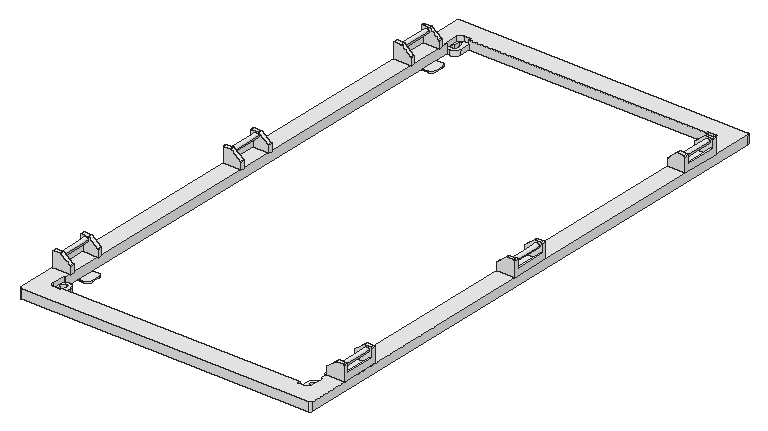
Revit family "Leviton_49605--28T-28-inch_Trim-Ring", category Generic Models, Revit 2026
Family settings
  Can host rebar = No
  Round Connector Dimension = Use Diameter
  Part Type = Normal
  Work Plane-Based = No
  Always vertical = Yes
  Cut with Voids When Loaded = No
  Maintain Annotation Orientation = No
  Shared = No
  Room Calculation Point = No
Parameters
  Width = 15.95"
  Manufacturer = "https://www.arcat.com/arcatcos/cos41/arc41690.html"  # constant formula
  Height = 30.02"
  Default Elevation = 0.00"
Reference planes (in)
  plane 1 "Center (Front/Back)": y = 0
  plane 2: z = 0
  plane 3 "Center (Left/Right)": x = 0
  plane 4: x = -7.975
  plane 5: x = 7.975
  plane 6: y = 15.01
  plane 7: y = -15.01
Forms (in)
  Extrusion 1, solid, material "ARCAT-White Plastic"
    sketch origin (0, 0, 0) x (1, 0, 0) y (0, 1, 0)
      loop
        line (7.855, 15.01) -> (-7.855, 15.01)
        arc (-7.855, 15.01) -> (-7.93985, 14.97485) -> (-7.975, 14.89) r 0.12
        line (-7.975, 14.89) -> (-7.975, -14.89)
        arc (-7.975, -14.89) -> (-7.93985, -14.97485) -> (-7.855, -15.01) r 0.12
        line (-7.855, -15.01) -> (7.855, -15.01)
        arc (7.855, -15.01) -> (7.93985, -14.97485) -> (7.975, -14.89) r 0.12
        line (7.975, -14.89) -> (7.975, 14.89)
        arc (7.975, 14.89) -> (7.93985, 14.97485) -> (7.855, 15.01) r 0.12
      loop
        line (6.49704, 13.92438) -> (-6.49704, 13.92438) -> (-6.49704, 13.35669)
        arc (-6.49704, 13.35669) -> (-6.59955, 13.1092) -> (-6.84704, 13.00669) r 0.35
        line (-6.84704, 13.00669) -> (-6.9977, 13.00669) -> (-6.9977, -13.00669) -> (-6.84704, -13.00669)
        arc (-6.84704, -13.00669) -> (-6.59955, -13.1092) -> (-6.49704, -13.35669) r 0.35
        line (-6.49704, -13.35669) -> (-6.49704, -13.92438) -> (6.49704, -13.92438) -> (6.49704, -13.35669)
        arc (6.49704, -13.35669) -> (6.59955, -13.1092) -> (6.84704, -13.00669) r 0.35
        line (6.84704, -13.00669) -> (6.9977, -13.00669) -> (6.9977, 13.00669) -> (6.84704, 13.00669)
        arc (6.84704, 13.00669) -> (6.59955, 13.1092) -> (6.49704, 13.35669) r 0.35
        line (6.49704, 13.35669) -> (6.49704, 13.92438)
    from 0 to 0.48
  Extrusion 2, void
    sketch origin (0, 0, 0) x (1, 0, 0) y (0, 1, 0)
      loop
        line (-7.11113, 13.00669) -> (-6.49704, 13.00669) -> (-6.49704, 14.0102) -> (-6.86113, 14.0102)
        arc (-6.86113, 14.0102) -> (-7.03791, 13.93697) -> (-7.11113, 13.7602) r 0.25
        line (-7.11113, 13.7602) -> (-7.11113, 13.00669)
      loop
        line (7.11113, 13.00669) -> (7.11113, 13.7602)
        arc (7.11113, 13.7602) -> (7.03791, 13.93697) -> (6.86113, 14.0102) r 0.25
        line (6.86113, 14.0102) -> (6.49704, 14.0102) -> (6.49704, 13.00669) -> (7.11113, 13.00669)
      loop
        line (-7.11113, -13.00669) -> (-7.11113, -13.7602)
        arc (-7.11113, -13.7602) -> (-7.03791, -13.93697) -> (-6.86113, -14.0102) r 0.25
        line (-6.86113, -14.0102) -> (-6.49704, -14.0102) -> (-6.49704, -13.00669) -> (-7.11113, -13.00669)
      loop
        line (7.11113, -13.00669) -> (6.49704, -13.00669) -> (6.49704, -14.0102) -> (6.86113, -14.0102)
        arc (6.86113, -14.0102) -> (7.03791, -13.93697) -> (7.11113, -13.7602) r 0.25
        line (7.11113, -13.7602) -> (7.11113, -13.00669)
    from 0.24 to 0.91716
  Extrusion 3, void
    sketch origin (0, 0, 0) x (1, 0, 0) y (0, 1, 0)
      loop
        arc (-6.93265, 13.50088) -> (-6.84126, 13.20278) -> (-6.74987, 13.50088) r 0.16306
        line (-6.74987, 13.50088) -> (-6.74987, 13.73913)
        arc (-6.74987, 13.73913) -> (-6.84126, 13.83052) -> (-6.93265, 13.73913) r 0.09139
        line (-6.93265, 13.73913) -> (-6.93265, 13.50088)
      loop
        line (6.93265, 13.50088) -> (6.93265, 13.73913)
        arc (6.93265, 13.73913) -> (6.84126, 13.83052) -> (6.74987, 13.73913) r 0.09139
        line (6.74987, 13.73913) -> (6.74987, 13.50088)
        arc (6.74987, 13.50088) -> (6.84126, 13.20278) -> (6.93265, 13.50088) r 0.16306
      loop
        line (-6.93265, -13.50088) -> (-6.93265, -13.73913)
        arc (-6.93265, -13.73913) -> (-6.84126, -13.83052) -> (-6.74987, -13.73913) r 0.09139
        line (-6.74987, -13.73913) -> (-6.74987, -13.50088)
        arc (-6.74987, -13.50088) -> (-6.84126, -13.20278) -> (-6.93265, -13.50088) r 0.16306
      loop
        arc (6.93265, -13.50088) -> (6.84126, -13.20278) -> (6.74987, -13.50088) r 0.16306
        line (6.74987, -13.50088) -> (6.74987, -13.73913)
        arc (6.74987, -13.73913) -> (6.84126, -13.83052) -> (6.93265, -13.73913) r 0.09139
        line (6.93265, -13.73913) -> (6.93265, -13.50088)
    from -0.36161 to 0.48
  Extrusion 4, solid, material "ARCAT-White Plastic"
    sketch origin (0, 0, 0) x (1, 0, 0) y (0, 1, 0)
      loop
        line (-6.63924, 12.22708) -> (-6.9977, 12.22708) -> (-6.9977, 11.27152) -> (-6.63934, 11.27152)
        arc (-6.63934, 11.27152) -> (-6.47036, 11.34152) -> (-6.40037, 11.5105) r 0.23898
        line (-6.40037, 11.5105) -> (-6.40037, 11.98851)
        arc (-6.40037, 11.98851) -> (-6.47044, 12.15722) -> (-6.63924, 12.22708) r 0.23887
      loop
        arc (6.63924, 12.22708) -> (6.47044, 12.15722) -> (6.40037, 11.98851) r 0.23887
        line (6.40037, 11.98851) -> (6.40037, 11.5105)
        arc (6.40037, 11.5105) -> (6.47036, 11.34152) -> (6.63934, 11.27152) r 0.23898
        line (6.63934, 11.27152) -> (6.9977, 11.27152) -> (6.9977, 12.22708) -> (6.63924, 12.22708)
      loop
        arc (-6.63924, -12.22708) -> (-6.47044, -12.15722) -> (-6.40037, -11.98851) r 0.23887
        line (-6.40037, -11.98851) -> (-6.40037, -11.5105)
        arc (-6.40037, -11.5105) -> (-6.47036, -11.34152) -> (-6.63934, -11.27152) r 0.23898
        line (-6.63934, -11.27152) -> (-6.9977, -11.27152) -> (-6.9977, -12.22708) -> (-6.63924, -12.22708)
      loop
        line (6.63924, -12.22708) -> (6.9977, -12.22708) -> (6.9977, -11.27152) -> (6.63934, -11.27152)
        arc (6.63934, -11.27152) -> (6.47036, -11.34152) -> (6.40037, -11.5105) r 0.23898
        line (6.40037, -11.5105) -> (6.40037, -11.98851)
        arc (6.40037, -11.98851) -> (6.47044, -12.15722) -> (6.63924, -12.22708) r 0.23887
    from 0 to 0.05
Cuts and joins
  Extrusion 2, Extrusion 3 cuts Extrusion 1
Dimensions and locks (in)
  equal spacing: plane 4, plane 3 "Center (Left/Right)", plane 5
  "Width": plane 4 to plane 5
  equal spacing: plane 7, plane 1 "Center (Front/Back)", plane 6
  "Height": plane 7 to plane 6
  aligned and locked: plane 2 to level
Automatic sketch dimensions
  Extrusion 1 sketch curve to plane 4 = 0.00"
  plane 7 to Extrusion 1 sketch curve = 0.00"
  plane 6 to Extrusion 1 sketch curve = 0.00"
  Extrusion 1 sketch curve to plane 5 = 0.00"
  plane 4 to Extrusion 1 sketch curve = 0.12"  (x2)
  plane 4 to Extrusion 1 sketch curve = 0.9773"
  Extrusion 1 sketch curve to Extrusion 1 sketch curve = 0.15065"  (x3)
  Extrusion 1 sketch curve to Extrusion 1 sketch curve = 0.35"  (x4)
  Extrusion 1 sketch curve to plane 5 = 1.47796"  (x2)
  Extrusion 1 sketch curve to plane 5 = 0.12"  (x2)
  Extrusion 1 sketch curve to plane 7 = 1.08562"
  Extrusion 1 sketch curve to Extrusion 1 sketch curve = 0.56769"  (x3)
  plane 6 to Extrusion 1 sketch curve = 2.00331"  (x2)
  plane 4 to Extrusion 2 sketch curve = 0.86387"  (x2)
  Extrusion 2 sketch curve to Extrusion 2 sketch curve = 0.25"  (x3)
  Extrusion 2 sketch curve to Extrusion 2 sketch curve = 0.36409"  (x3)
  Extrusion 2 sketch curve to Extrusion 2 sketch curve = 0.61409"  (x2)
  Extrusion 2 sketch curve to plane 5 = 1.47796"  (x2)
  Extrusion 2 sketch curve to plane 7 = 0.9998"  (x2)
  Extrusion 2 sketch curve to Extrusion 2 sketch curve = 0.75351"  (x4)
  plane 6 to Extrusion 2 sketch curve = 2.00331"  (x2)
  plane 4 to Extrusion 3 sketch curve = 1.04235"  (x2)
  Extrusion 3 sketch curve to Extrusion 3 sketch curve = 0.09139"  (x8)
  Extrusion 3 sketch curve to plane 5 = 1.22513"  (x2)
  Extrusion 3 sketch curve to plane 7 = 1.27087"  (x2)
  Extrusion 3 sketch curve to Extrusion 3 sketch curve = 0.23824"  (x4)
  Extrusion 3 sketch curve to Extrusion 3 sketch curve = 0.13504"  (x4)
  plane 6 to Extrusion 3 sketch curve = 1.64416"  (x2)
  Extrusion 3 sketch curve to Extrusion 3 sketch curve = 0.00"
  plane 4 to Extrusion 4 sketch curve = 0.9773"  (x2)
  Extrusion 4 sketch curve to Extrusion 4 sketch curve = 0.35836"  (x3)
  Extrusion 4 sketch curve to Extrusion 4 sketch curve = 0.00"
  Extrusion 4 sketch curve to Extrusion 4 sketch curve = 0.35846"  (x3)
  Extrusion 4 sketch curve to Extrusion 4 sketch curve = 0.23887"  (x3)
  Extrusion 4 sketch curve to Extrusion 4 sketch curve = 0.23898"  (x3)
  Extrusion 4 sketch curve to plane 5 = 1.57463"  (x2)
  Extrusion 4 sketch curve to plane 7 = 2.78292"  (x2)
  Extrusion 4 sketch curve to Extrusion 4 sketch curve = 0.23858"  (x2)
  Extrusion 4 sketch curve to Extrusion 4 sketch curve = 0.47801"
  Extrusion 4 sketch curve to Extrusion 4 sketch curve = 0.47771"  (x3)
  plane 6 to Extrusion 4 sketch curve = 3.73848"  (x2)
  Extrusion 4 sketch curve to Extrusion 4 sketch curve = 0.0003"  (x2)
Nested families (in)
  nested 1: "Leviton_Clip" at (-7.975, -12.68808, 0.48), type "Leviton_Clip"
  nested 2: "Leviton_Clip" at (7.975, -12.68808, 0.48) x (-1, 0, 0) z (0, 0, 1), type "Leviton_Clip"
  nested 3: "Leviton_Clip" at (-7.975, 12.68808, 0.48), type "Leviton_Clip"
  nested 4: "Leviton_Clip" at (7.975, 12.68808, 0.48) x (-1, 0, 0) z (0, 0, 1), type "Leviton_Clip"
  nested 5: "Leviton_Clip" at (-7.975, 1.03356, 0.48), type "Leviton_Clip"
  nested 6: "Leviton_Clip" at (7.975, 1.03356, 0.48) x (-1, 0, 0) z (0, 0, 1), type "Leviton_Clip"
Definition of nested family "Leviton_Clip"
  Parameters (values of type "Leviton_Clip")
    Width = 15.24"
    Height = 15.31"
    Default Elevation = 0.00"
  Reference planes (in)
    plane 1 "Center (Front/Back)": y = 0
    plane 2: z = 0
    plane 3 "Center (Left/Right)": x = 0
    plane 4: x = -7.62
    plane 5: x = 7.62
    plane 6: y = 7.655
    plane 7: y = -7.655
  Forms (in)
    Extrusion 1, solid
      sketch origin (0, 0, 0) x (1, 0, 0) y (0, 0, 1)
        loop
          line (0, 0) -> (0.9773, 0) -> (0.9773, 0.38385)
          arc (0.9773, 0.38385) -> (0.97231, 0.40563) -> (0.95833, 0.42306) r 0.05
          line (0.95833, 0.42306) -> (0.44503, 0.82921)
          arc (0.44503, 0.82921) -> (0.43043, 0.83723) -> (0.414, 0.84) r 0.05
          line (0.414, 0.84) -> (0.05, 0.84)
          arc (0.05, 0.84) -> (0.01464, 0.82536) -> (0, 0.79) r 0.05
          line (0, 0.79) -> (0, 0)
      from -0.17713 to 0
    Extrusion 2, solid
      sketch origin (0, 0, 0) x (1, 0, 0) y (0, 0, 1)
        loop
          line (0, 0) -> (0.9773, 0) -> (0.9773, 0.38385)
          arc (0.9773, 0.38385) -> (0.97231, 0.40563) -> (0.95833, 0.42306) r 0.05
          line (0.95833, 0.42306) -> (0.44503, 0.82921)
          arc (0.44503, 0.82921) -> (0.43043, 0.83723) -> (0.414, 0.84) r 0.05
          line (0.414, 0.84) -> (0.05, 0.84)
          arc (0.05, 0.84) -> (0.01464, 0.82536) -> (0, 0.79) r 0.05
          line (0, 0.79) -> (0, 0)
      from -2.07437 to -1.89
    Extrusion 3, solid
      sketch origin (0, 0, 0) x (1, 0, 0) y (0, 0, 1)
        loop
          circle (0.28563, 0.63025) r 0.11853
      from -1.89 to -0.17713
    Extrusion 4, solid
      sketch origin (0, 0, 0) x (1, 0, 0) y (0, 1, 0)
        loop
          line (0, 1.89) -> (0, 0.17713) -> (0.1, 0.17713) -> (0.1, 1.89) -> (0, 1.89)
      from 0 to 0.35
  Cuts and joins
    joined: Extrusion 1, Extrusion 2, Extrusion 4
  Dimensions and locks (in)
    equal spacing: plane 4, plane 3 "Center (Left/Right)", plane 5
    "Width": plane 4 to plane 5
    equal spacing: plane 7, plane 1 "Center (Front/Back)", plane 6
    "Height": plane 7 to plane 6
    aligned and locked: plane 2 to level
  Automatic sketch dimensions
    Extrusion 1 sketch curve to plane 3 "Center (Left/Right)" = 0.00"
    Extrusion 1 sketch curve to level = 0.00"
    plane 3 "Center (Left/Right)" to Extrusion 1 sketch curve = 0.05"
    Extrusion 1 sketch curve to Extrusion 1 sketch curve = 0.364"
    Extrusion 1 sketch curve to Extrusion 1 sketch curve = 0.03102"
    Extrusion 1 sketch curve to Extrusion 1 sketch curve = 0.5133"
    Extrusion 1 sketch curve to Extrusion 1 sketch curve = 0.05"  (x2)
    level to Extrusion 1 sketch curve = 0.38385"
    Extrusion 1 sketch curve to Extrusion 1 sketch curve = 0.79"
    Extrusion 1 sketch curve to Extrusion 1 sketch curve = 0.01898"
    Extrusion 2 sketch curve to plane 3 "Center (Left/Right)" = 0.00"
    Extrusion 2 sketch curve to level = 0.00"
    plane 3 "Center (Left/Right)" to Extrusion 2 sketch curve = 0.05"
    Extrusion 2 sketch curve to Extrusion 2 sketch curve = 0.364"
    Extrusion 2 sketch curve to Extrusion 2 sketch curve = 0.03102"  (x2)
    Extrusion 2 sketch curve to Extrusion 2 sketch curve = 0.5133"
    level to Extrusion 2 sketch curve = 0.42306"
    Extrusion 2 sketch curve to Extrusion 2 sketch curve = 0.01898"
    Extrusion 2 sketch curve to Extrusion 2 sketch curve = 0.79"
    Extrusion 2 sketch curve to Extrusion 2 sketch curve = 0.05"
    plane 3 "Center (Left/Right)" to Extrusion 3 sketch curve = 0.28563"
    level to Extrusion 3 sketch curve = 0.63025"
    Extrusion 4 sketch curve to plane 3 "Center (Left/Right)" = 0.00"
    plane 3 "Center (Left/Right)" to Extrusion 4 sketch curve = 0.10"
    Extrusion 4 sketch curve to plane 1 "Center (Front/Back)" = 0.17713"
    Extrusion 4 sketch curve to Extrusion 4 sketch curve = 1.71287"
    radius of Extrusion 3 sketch curve = 0.11853"
